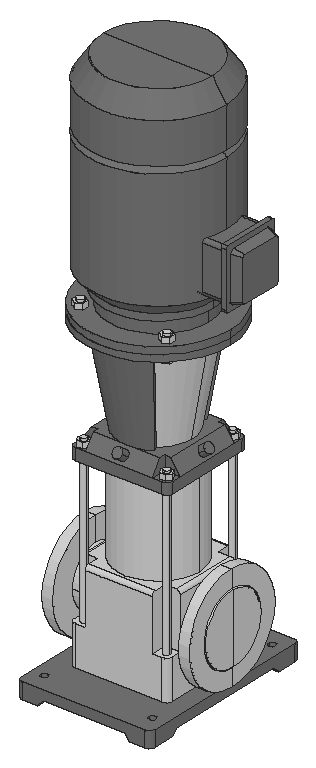
Revit family "TESK_Насос вертикальный_SVM(T)-120", category Оборудование, Revit 2019 (continued)
Types in the file's own list only (38): name | Толщина_ФланцаДвигателя | Напор максимальный | Материал_КорпусУлитка | Высота_Башня | Высота_Корпуса | D_Башня | ADSK_Полная мощность | ADSK_Номинальная мощность | ADSK_Напряжение | ADSK_Наименование | ADSK_Масса_Текст | ADSK_Масса | ADSK_Марка | ADSK_Код изделия | ADSK_Диаметр условный | Фланец_Толщина | УГО_Длина | Двигатель_Ширина | Двигатель_ОтступКоробки | Двигатель_Высота
  SVM 120-5-1 45kW 3x380V 50Hz IE3 | 22 мм | 110.5 | TESK_Нержавеющая сталь | 480 мм | 1480 мм | 345 мм | 45 кВ·А | 45 кВт | 400 В | "Вертикальный многоступенчатый центробежный насос SVM, DN125, PN25-40, Hmax=110.5м (3x380V 50Hz IE3)" | "470" | 470 | "SVM 120-5-1 45kW 3x380V 50Hz IE3" | "77120-50-10003380NSSF" | 125 мм | 30 мм | 380 мм | 460 мм | 340 мм | 740 мм
  SVM 120-5 55kW 3x380V 50Hz IE3 | 24 мм | 115.5 | TESK_Нержавеющая сталь | 500 мм | 1510 мм | 413 мм | 55 кВ·А | 55 кВт | 400 В | "Вертикальный многоступенчатый центробежный насос SVM, DN125, PN25-40, Hmax=115.5м (3x380V 50Hz IE3)" | "575" | 575 | "SVM 120-5 55kW 3x380V 50Hz IE3" | "77120-500003380NSSF" | 125 мм | 30 мм | 380 мм | 550 мм | 370 мм | 810 мм
  SVM 120-6-2 55kW 3x380V 50Hz IE3 | 24 мм | 128 | TESK_Нержавеющая сталь | 560 мм | 1670 мм | 413 мм | 55 кВ·А | 55 кВт | 400 В | "Вертикальный многоступенчатый центробежный насос SVM, DN125, PN25-40, Hmax=128м (3x380V 50Hz IE3)" | "585" | 585 | "SVM 120-6-2 55kW 3x380V 50Hz IE3" | "77120-60-20003380NSSF" | 125 мм | 30 мм | 380 мм | 550 мм | 370 мм | 810 мм
  SVM 120-6-1 55kW 3x380V 50Hz IE3 | 24 мм | 134 | TESK_Нержавеющая сталь | 560 мм | 1670 мм | 413 мм | 55 кВ·А | 55 кВт | 400 В | "Вертикальный многоступенчатый центробежный насос SVM, DN125, PN25-40, Hmax=134м (3x380V 50Hz IE3)" | "585" | 585 | "SVM 120-6-1 55kW 3x380V 50Hz IE3" | "77120-60-10003380NSSF" | 125 мм | 30 мм | 380 мм | 550 мм | 370 мм | 810 мм
  SVM 120-6 75kW 3x380V 50Hz IE3 | 26 мм | 139 | TESK_Нержавеющая сталь | 560 мм | 1670 мм | 435 мм | 75 кВ·А | 75 кВт | 400 В | "Вертикальный многоступенчатый центробежный насос SVM, DN125, PN25-40, Hmax=139м (3x380V 50Hz IE3)" | "705" | 705 | "SVM 120-6 75kW 3x380V 50Hz IE3" | "77120-600003380NSSF" | 125 мм | 30 мм | 380 мм | 580 мм | 410 мм | 870 мм
  SVM 120-7-2 75kW 3x380V 50Hz IE3 | 26 мм | 151 | TESK_Нержавеющая сталь | 600 мм | 1830 мм | 435 мм | 75 кВ·А | 75 кВт | 400 В | "Вертикальный многоступенчатый центробежный насос SVM, DN125, PN25-40, Hmax=151м (3x380V 50Hz IE3)" | "713" | 713 | "SVM 120-7-2 75kW 3x380V 50Hz IE3" | "77120-70-20003380NSSF" | 125 мм | 30 мм | 380 мм | 580 мм | 410 мм | 870 мм
  SVM 120-7-1 75kW 3x380V 50Hz IE3 | 26 мм | 156.5 | TESK_Нержавеющая сталь | 600 мм | 1830 мм | 435 мм | 75 кВ·А | 75 кВт | 400 В | "Вертикальный многоступенчатый центробежный насос SVM, DN125, PN25-40, Hmax=156.5м (3x380V 50Hz IE3)" | "715" | 715 | "SVM 120-7-1 75kW 3x380V 50Hz IE3" | "77120-70-10003380NSSF" | 125 мм | 30 мм | 380 мм | 580 мм | 410 мм | 870 мм
  SVM 120-7 75kW 3x380V 50Hz IE3 | 26 мм | 162.5 | TESK_Нержавеющая сталь | 600 мм | 1830 мм | 435 мм | 75 кВ·А | 75 кВт | 400 В | "Вертикальный многоступенчатый центробежный насос SVM, DN125, PN25-40, Hmax=162.5м (3x380V 50Hz IE3)" | "715" | 715 | "SVM 120-7 75kW 3x380V 50Hz IE3" | "77120-700003380NSSF" | 125 мм | 30 мм | 380 мм | 580 мм | 410 мм | 870 мм
  SVMT 120-1 11kW 3x380V 50Hz IE3 | 17 мм | 22 | TESK_Черный_Условный | 300 мм | 840 мм | 263 мм | 11 кВ·А | 11 кВт | 400 В | "Вертикальный многоступенчатый центробежный насос SVMT, DN125, PN25-40, Hmax=22м (3x380V 50Hz IE3)" | "230" | 230 | "SVMT 120-1 11kW 3x380V 50Hz IE3" | "77120-100003380N" | 125 мм | 30 мм | 380 мм | 350 мм | 260 мм | 580 мм
  SVMT 120-2-2 15kW 3x380V 50Hz IE3 | 17 мм | 34 | TESK_Черный_Условный | 340 мм | 1000 мм | 263 мм | 15 кВ·А | 15 кВт | 400 В | "Вертикальный многоступенчатый центробежный насос SVMT, DN125, PN25-40, Hmax=34м (3x380V 50Hz IE3)" | "245" | 245 | "SVMT 120-2-2 15kW 3x380V 50Hz IE3" | "77120-20-20003380N" | 125 мм | 30 мм | 380 мм | 350 мм | 260 мм | 580 мм
  SVMT 120-2-1 18.5kW 3x380V 50Hz IE3 | 18 мм | 41 | TESK_Черный_Условный | 340 мм | 1000 мм | 263 мм | 19 кВ·А | 19 кВт | 400 В | "Вертикальный многоступенчатый центробежный насос SVMT, DN125, PN25-40, Hmax=41м (3x380V 50Hz IE3)" | "250" | 250 | "SVMT 120-2-1 18.5kW 3x380V 50Hz IE3" | "77120-20-10003380N" | 125 мм | 30 мм | 380 мм | 350 мм | 260 мм | 610 мм
  SVMT 120-2 22kW 3x380V 50Hz IE3 | 19 мм | 46 | TESK_Черный_Условный | 340 мм | 1000 мм | 270 мм | 22 кВ·А | 22 кВт | 400 В | "Вертикальный многоступенчатый центробежный насос SVMT, DN125, PN25-40, Hmax=46м (3x380V 50Hz IE3)" | "285" | 285 | "SVMT 120-2 22kW 3x380V 50Hz IE3" | "77120-200003380N" | 125 мм | 30 мм | 380 мм | 360 мм | 285 мм | 645 мм
  SVMT 120-3-2 30kW 3x380V 50Hz IE3 | 21 мм | 57 | TESK_Черный_Условный | 380 мм | 1160 мм | 300 мм | 30 кВ·А | 30 кВт | 400 В | "Вертикальный многоступенчатый центробежный насос SVMT, DN125, PN25-40, Hmax=57м (3x380V 50Hz IE3)" | "358" | 358 | "SVMT 120-3-2 30kW 3x380V 50Hz IE3" | "77120-30-20003380N" | 125 мм | 30 мм | 380 мм | 400 мм | 310 мм | 705 мм
  SVMT 120-3-1 30kW 3x380V 50Hz IE3 | 21 мм | 64 | TESK_Черный_Условный | 380 мм | 1160 мм | 300 мм | 30 кВ·А | 30 кВт | 400 В | "Вертикальный многоступенчатый центробежный насос SVMT, DN125, PN25-40, Hmax=64м (3x380V 50Hz IE3)" | "360" | 360 | "SVMT 120-3-1 30kW 3x380V 50Hz IE3" | "77120-30-10003380N" | 125 мм | 30 мм | 380 мм | 400 мм | 310 мм | 705 мм
  SVMT 120-3 30kW 3x380V 50Hz IE3 | 21 мм | 69.5 | TESK_Черный_Условный | 380 мм | 1160 мм | 300 мм | 30 кВ·А | 30 кВт | 400 В | "Вертикальный многоступенчатый центробежный насос SVMT, DN125, PN25-40, Hmax=69.5м (3x380V 50Hz IE3)" | "360" | 360 | "SVMT 120-3 30kW 3x380V 50Hz IE3" | "77120-300003380N" | 125 мм | 30 мм | 380 мм | 400 мм | 310 мм | 705 мм
  SVMT 120-4-2 37kW 3x380V 50Hz IE3 | 21 мм | 80.5 | TESK_Черный_Условный | 420 мм | 1320 мм | 300 мм | 37 кВ·А | 37 кВт | 400 В | "Вертикальный многоступенчатый центробежный насос SVMT, DN125, PN25-40, Hmax=80.5м (3x380V 50Hz IE3)" | "400" | 400 | "SVMT 120-4-2 37kW 3x380V 50Hz IE3" | "77120-40-20003380N" | 125 мм | 30 мм | 380 мм | 400 мм | 310 мм | 705 мм
  SVMT 120-4-1 37kW 3x380V 50Hz IE3 | 21 мм | 87 | TESK_Черный_Условный | 420 мм | 1320 мм | 300 мм | 37 кВ·А | 37 кВт | 400 В | "Вертикальный многоступенчатый центробежный насос SVMT, DN125, PN25-40, Hmax=87м (3x380V 50Hz IE3)" | "400" | 400 | "SVMT 120-4-1 37kW 3x380V 50Hz IE3" | "77120-40-10003380N" | 125 мм | 30 мм | 380 мм | 400 мм | 310 мм | 705 мм
  SVMT 120-4 45kW 3x380V 50Hz IE3 | 22 мм | 92.5 | TESK_Черный_Условный | 420 мм | 1320 мм | 345 мм | 45 кВ·А | 45 кВт | 400 В | "Вертикальный многоступенчатый центробежный насос SVMT, DN125, PN25-40, Hmax=92.5м (3x380V 50Hz IE3)" | "460" | 460 | "SVMT 120-4 45kW 3x380V 50Hz IE3" | "77120-400003380N" | 125 мм | 30 мм | 380 мм | 460 мм | 340 мм | 740 мм
  SVMT 120-5-2 45kW 3x380V 50Hz IE3 | 22 мм | 104.5 | TESK_Черный_Условный | 480 мм | 1480 мм | 345 мм | 45 кВ·А | 45 кВт | 400 В | "Вертикальный многоступенчатый центробежный насос SVMT, DN125, PN25-40, Hmax=104.5м (3x380V 50Hz IE3)" | "470" | 470 | "SVMT 120-5-2 45kW 3x380V 50Hz IE3" | "77120-50-20003380N" | 125 мм | 30 мм | 380 мм | 460 мм | 340 мм | 740 мм
  SVMT 120-5-1 45kW 3x380V 50Hz IE3 | 22 мм | 110.5 | TESK_Черный_Условный | 480 мм | 1480 мм | 345 мм | 45 кВ·А | 45 кВт | 400 В | "Вертикальный многоступенчатый центробежный насос SVMT, DN125, PN25-40, Hmax=110.5м (3x380V 50Hz IE3)" | "470" | 470 | "SVMT 120-5-1 45kW 3x380V 50Hz IE3" | "77120-50-10003380N" | 125 мм | 30 мм | 380 мм | 460 мм | 340 мм | 740 мм
  SVMT 120-5 55kW 3x380V 50Hz IE3 | 24 мм | 115.5 | TESK_Черный_Условный | 500 мм | 1510 мм | 413 мм | 55 кВ·А | 55 кВт | 400 В | "Вертикальный многоступенчатый центробежный насос SVMT, DN125, PN25-40, Hmax=115.5м (3x380V 50Hz IE3)" | "575" | 575 | "SVMT 120-5 55kW 3x380V 50Hz IE3" | "77120-500003380N" | 125 мм | 30 мм | 380 мм | 550 мм | 370 мм | 810 мм
  SVMT 120-6-2 55kW 3x380V 50Hz IE3 | 24 мм | 128 | TESK_Черный_Условный | 560 мм | 1670 мм | 413 мм | 55 кВ·А | 55 кВт | 400 В | "Вертикальный многоступенчатый центробежный насос SVMT, DN125, PN25-40, Hmax=128м (3x380V 50Hz IE3)" | "585" | 585 | "SVMT 120-6-2 55kW 3x380V 50Hz IE3" | "77120-60-20003380N" | 125 мм | 30 мм | 380 мм | 550 мм | 370 мм | 810 мм
  SVMT 120-6-1 55kW 3x380V 50Hz IE3 | 24 мм | 134 | TESK_Черный_Условный | 560 мм | 1670 мм | 413 мм | 55 кВ·А | 55 кВт | 400 В | "Вертикальный многоступенчатый центробежный насос SVMT, DN125, PN25-40, Hmax=134м (3x380V 50Hz IE3)" | "585" | 585 | "SVMT 120-6-1 55kW 3x380V 50Hz IE3" | "77120-60-10003380N" | 125 мм | 30 мм | 380 мм | 550 мм | 370 мм | 810 мм
  SVMT 120-6 75kW 3x380V 50Hz IE3 | 26 мм | 139 | TESK_Черный_Условный | 560 мм | 1670 мм | 435 мм | 75 кВ·А | 75 кВт | 400 В | "Вертикальный многоступенчатый центробежный насос SVMT, DN125, PN25-40, Hmax=139м (3x380V 50Hz IE3)" | "705" | 705 | "SVMT 120-6 75kW 3x380V 50Hz IE3" | "77120-600003380N" | 125 мм | 30 мм | 380 мм | 580 мм | 410 мм | 870 мм
  SVMT 120-7-2 75kW 3x380V 50Hz IE3 | 26 мм | 151 | TESK_Черный_Условный | 600 мм | 1830 мм | 435 мм | 75 кВ·А | 75 кВт | 400 В | "Вертикальный многоступенчатый центробежный насос SVMT, DN125, PN25-40, Hmax=151м (3x380V 50Hz IE3)" | "713" | 713 | "SVMT 120-7-2 75kW 3x380V 50Hz IE3" | "77120-70-20003380N" | 125 мм | 30 мм | 380 мм | 580 мм | 410 мм | 870 мм
  SVMT 120-7-1 75kW 3x380V 50Hz IE3 | 26 мм | 156.5 | TESK_Черный_Условный | 600 мм | 1830 мм | 435 мм | 75 кВ·А | 75 кВт | 400 В | "Вертикальный многоступенчатый центробежный насос SVMT, DN125, PN25-40, Hmax=156.5м (3x380V 50Hz IE3)" | "715" | 715 | "SVMT 120-7-1 75kW 3x380V 50Hz IE3" | "77120-70-10003380N" | 125 мм | 30 мм | 380 мм | 580 мм | 410 мм | 870 мм
  SVMT 120-7 75kW 3x380V 50Hz IE3 | 26 мм | 162.5 | TESK_Черный_Условный | 600 мм | 1830 мм | 435 мм | 75 кВ·А | 75 кВт | 400 В | "Вертикальный многоступенчатый центробежный насос SVMT, DN125, PN25-40, Hmax=162.5м (3x380V 50Hz IE3)" | "715" | 715 | "SVMT 120-7 75kW 3x380V 50Hz IE3" | "77120-700003380N" | 125 мм | 30 мм | 380 мм | 580 мм | 410 мм | 870 мм
